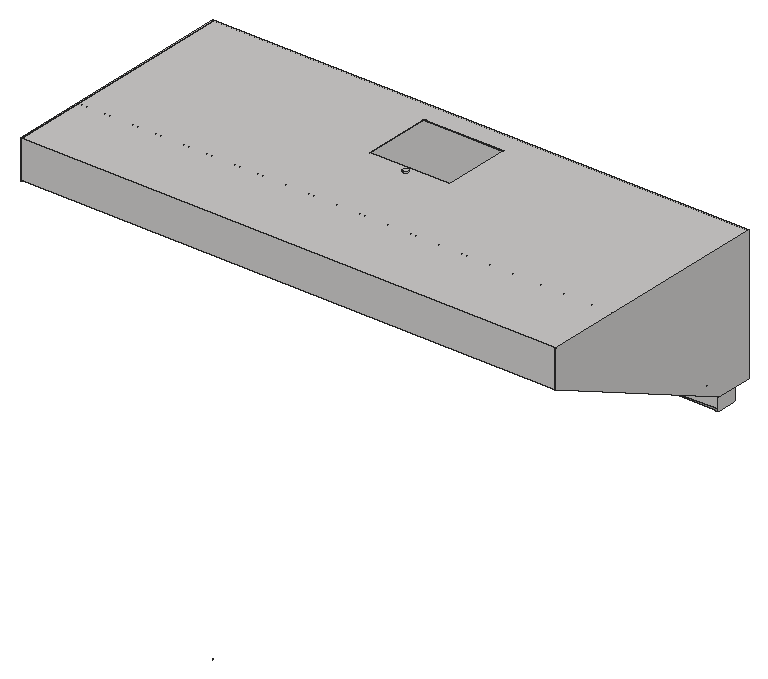
Revit family "QF_ELECTROLUXPROFESSIONAL_644206_AMPV920DT", category Attrezzature speciali, Revit 2021
Family settings
  Quota connettore circolare = Usa diametro
  Tipo di parte = Normale
  Basato su piano di lavoro = No
  Sempre verticale = Sì
  Taglio con vuoti quando caricato = No
  Condiviso = No
  Punto di calcolo locali = No
Parameters (values of type "Standard")
  Weight = 61.00 kg
  Watts = 420 W
  Volts = 220 V
  URL Manufacturer = "https://www.electroluxprofessional.com/"
  URL = "https://www.electroluxprofessional.com/"
  Steam Supply Size = 0 mm
  Steam Supply Minimum Pressure = 0.0 Pa
  Steam Supply Maximum Pressure = 0.0 Pa
  Steam Consumption per Hour = 0
  Refrigeration Suction Line Size = 0 mm
  Refrigeration Liquid Line Size = 0 mm
  Refrigerant Compressor Remote = yes
  Prospetto di default = 0 mm
  Produttore = "Electrolux Professional"
  Phase = 1
  Modello = "AMPV920DT"
  Length Actual = 2000 mm  # constant formula
  Item Number = "644206"
  Hot Water Size = 0 mm
  Height Actual = 500 mm  # constant formula
  HP = "0.6 HP"
  Gas Size = 0 mm
  Gas KW = 0
  Gas Input Pressure = 0 W
  Direct Waste Size = 0 mm
  Descrizione = "304 S/S WALL HOOD+FILTERS+FAN 2000X900MM"
  Depth Actual = 900 mm  # constant formula
  Cycle = 50 Hz
  Condensate Return Size = 0 mm
  Compressed Air Volume = 0.0 L/s
  Compressed Air Size = 0 mm
  Compressed Air Pressure = 0.0 Pa
  Cold Water Size = 0 mm
  Accessory = yes
Reference planes
  plane 1: z = 0
  plane 2 "Center (Left/Right)": x = 150
  plane 3 "LEFT": x = -850
  plane 4 "RIGHT": x = 1150
  plane 5 "BACK": y = 550
  plane 6 "Plane": z = 2000
  plane 7 "TOP": z = 2140
  plane 8 "Base": z = 1640
  plane 9: z = 1566
  plane 10 "DrainY": y = 485
  plane 11: x = -847
  plane 12: through (0, 414.509, 1640.8) normal (0, 0.7314, 0.682)
  plane 13: y = 470
  plane 14: y = 220
  plane 15 "DrainX": x = 1030
  plane 16: x = 0
  plane 17: x = 300
  plane 18: x = 1147
  plane 19: x = 940
  plane 20: x = 1120
  plane 21: x = -810
  plane 22: x = 1110
  plane 23: x = -47.5
  plane 24: x = 347.5
  plane 25 "FRONT": y = -350
  plane 26 "Center (Front/Back)": y = 100
  plane 27: y = 200
Forms (mm)
  Extrusion 1, solid, material "QF_Finishes_Stainless Steel"
    sketch origin (-850, 0, 0) x (0, 1, 0) y (0, 0, 1)
      loop
        line (550, 1640) -> (550, 2140) -> (-350, 2140) -> (-350, 1998.736) -> (413.973, 1640) -> (550, 1640)
    from 0 to 3
  Extrusion 2, solid, material "QF_Finishes_Stainless Steel"
    sketch origin (150, 0, 0) x (0, 1, 0) y (0, 0, 1)
      loop
        line (415.255, 1640) -> (550, 1640) -> (550, 2139.19) -> (549.2, 2139.19) -> (549.2, 1640.8) -> (415.876, 1640.8) -> (339.347, 1722.867) -> (349.609, 1732.436) -> (348.927, 1733.167) -> (337.934, 1722.917) -> (415.255, 1640)
      loop
        line (-82.203, 2139.19) -> (-82.203, 2118.6) -> (-31.047, 2118.6) -> (34.354, 2048.466) -> (46.028, 2059.352) -> (45.346, 2060.083) -> (34.403, 2049.879) -> (-30.612, 2119.6) -> (-81.203, 2119.6) -> (-81.203, 2139.19) -> (-82.203, 2139.19)
    from -997 to 997
  Extrusion 3, solid, material "QF_Finishes_Stainless Steel"
    sketch origin (1150, 0, 0) x (0, 1, 0) y (0, 0, 1)
      loop
        line (550, 1640) -> (550, 2140) -> (-350, 2140) -> (-350, 1998.736) -> (413.973, 1640) -> (550, 1640)
    from 0 to -3
  Extrusion 4, solid, material "QF_Finishes_Stainless Steel"
    sketch origin (150, 0, 0) x (0, 1, 0) y (0, 0, 1)
      loop
        line (-350, 2140) -> (-350, 2000) -> (-349.2, 2000) -> (-349.2, 2139.19) -> (550, 2139.19) -> (550, 2140) -> (-350, 2140)
    from -1000 to 1000
  Extrusion 5, solid, material "QF_Finishes_Stainless Steel"
    sketch origin (150, 0, 0) x (0, 1, 0) y (0, 0, 1)
      loop
        line (534, 1640) -> (436, 1640) -> (436, 1627) -> (443.5, 1627) -> (443.5, 1576)
        arc (443.5, 1576) -> (446.429, 1568.929) -> (453.5, 1566) r 10
        line (453.5, 1566) -> (516.5, 1566)
        arc (516.5, 1566) -> (523.571, 1568.929) -> (526.5, 1576) r 10
        line (526.5, 1576) -> (526.5, 1627) -> (534, 1627) -> (534, 1640)
    from 790 to 970
  Extrusion 6, solid, material "QF_Finishes_Stainless Steel"
    sketch origin (0, 0, 1640) x (0, 1, 0) y (-1, 0, 0)
      loop
        circle (485, -1030) r 20
    from -76 to -74
  Extrusion 7, solid, material "QF_Finished_Chrome"
    sketch origin (150, 0, 0) x (0, 1, 0) y (0, 0, 1)
      loop
        line (337.934, 1722.917) -> (341.591, 1726.327) -> (38.011, 2051.876) -> (34.354, 2048.466) -> (337.934, 1722.917)
    from -197.5 to -960
  Extrusion 8, solid, material "QF_Finishes_Stainless Steel"
    sketch origin (150, 0, 0) x (0, 1, 0) y (0, 0, 1)
      loop
        line (337.934, 1722.917) -> (341.591, 1726.327) -> (38.011, 2051.876) -> (34.354, 2048.466) -> (337.934, 1722.917)
    from 997 to 960
  Extrusion 9, solid, material "QF_Finished_Chrome"
    sketch origin (150, 0, 0) x (0, 1, 0) y (0, 0, 1)
      loop
        line (341.588, 1726.324) -> (38.009, 2051.874) -> (34.354, 2048.466) -> (337.934, 1722.917) -> (341.588, 1726.324)
    from 197.5 to 960
  Extrusion 10, void
    sketch origin (0, 0, 2140) x (0, 1, 0) y (-1, 0, 0)
      loop
        line (470, -300) -> (470, 0) -> (220, 0) -> (220, -300) -> (470, -300)
    from 0 to -10
  Extrusion 11, solid, material "QF_Finishes_Stainless Steel"
    sketch origin (0, 0, 0) x (1, 0, 0) y (0, 1, 0)
      loop
        line (-850, 550) -> (-850, 549) -> (-849, 549) -> (-849, 550) -> (-850, 550)
    from 0 to 1
  Extrusion 12, solid, material "QF_Finishes_Stainless Steel"
    sketch origin (150, 0, 0) x (0, 1, 0) y (0, 0, 1)
      loop
        line (337.934, 1722.917) -> (341.591, 1726.327) -> (38.011, 2051.876) -> (34.354, 2048.466) -> (337.934, 1722.917)
    from -960 to -997
  Extrusion 13, solid, material "QF_Finishes_Stainless Steel"
    sketch origin (150, 0, 0) x (0, 1, 0) y (0, 0, 1)
      loop
        line (337.934, 1722.917) -> (341.591, 1726.327) -> (38.011, 2051.876) -> (34.354, 2048.466) -> (337.934, 1722.917)
    from 197.5 to -197.5
  Extrusion 14, solid, material "QF_Finishes_Stainless Steel"
    sketch origin (0, 0, 2140) x (0, 1, 0) y (-1, 0, 0)
      loop
        circle (200, -150) r 10
    from 0 to 1.6
Cuts and joins
  Extrusion 10 cuts Extrusion 4
  joined: Extrusion 2, Extrusion 4
Lines and regions (mm)
  reference lines
    curve 1: line (150, 34.354, 2048.466) -> (150, 34.354, 1888.466)
  symbolic lines, style "SpecialityEquipment", detail levels coarse
    curve 2: line (1150, 550, 2140) -> (-850, 550, 2140)
    curve 3: line (-850, 550, 2140) -> (-850, -350, 2140)
    curve 4: line (1150, -350, 2140) -> (1150, 550, 2140)
    curve 5: line (-850, -350, 2140) -> (1150, -350, 2140)
    curve 6: line (300, 220, 2140) -> (0, 220, 2140)
    curve 7: line (300, 470, 2140) -> (300, 220, 2140)
    curve 8: line (0, 470, 2140) -> (300, 470, 2140)
    curve 9: line (0, 220, 2140) -> (0, 470, 2140)
    curve 10: line (-850, 550, 0) -> (1150, -350, 0)
    curve 11: line (1150, 550, 0) -> (-850, -350, 0)
Dimensions and locks
  plane 3 "LEFT" to plane 4 "RIGHT" = 2000 mm
  equal spacing: plane 3 "LEFT", plane 2 "Center (Left/Right)", plane 4 "RIGHT"
  locked: plane 6 "Plane" to level at 2000
  plane 7 "TOP" to plane 6 "Plane" = 140 mm
  locked: plane 7 "TOP" to plane 8 "Base" at 500
  plane 8 "Base" to plane 9 = 74 mm
  plane 5 "BACK" to plane 10 "DrainY" = 65 mm  (x2)
  plane 3 "LEFT" to plane 11 = 3 mm
  plane 5 "BACK" to plane 13 = 80 mm
  plane 13 to plane 14 = 250 mm  (x2)
  plane 15 "DrainX" to plane 4 "RIGHT" = 120 mm
  plane 18 to plane 4 "RIGHT" = 3 mm
  locked: plane 19 to plane 15 "DrainX" at 90
  locked: plane 15 "DrainX" to plane 20 at 90
  plane 13 to plane 5 "BACK" = 80 mm
  locked: plane 3 "LEFT" to plane 21 at 40
  locked: plane 22 to plane 4 "RIGHT" at 40
  locked: plane 23 to plane 24 at 395
  equal spacing: plane 23, plane 2 "Center (Left/Right)", plane 24
  locked: plane 16 to plane 17 at 300
  equal spacing: plane 16, plane 2 "Center (Left/Right)", plane 17
  plane 5 "BACK" to plane 25 "FRONT" = 900 mm  (x2)
  equal spacing: plane 5 "BACK", plane 26 "Center (Front/Back)", plane 25 "FRONT"
  plane 14 to plane 27 = 20 mm
  aligned and locked: level to plane 1
  aligned and locked: Extrusion 2 to Extrusion 1
  aligned and locked: Extrusion 2 to Extrusion 3
  aligned and locked: plane 4 "RIGHT" to Extrusion 4
  aligned and locked: Extrusion 4 to plane 3 "LEFT"
  aligned and locked: plane 18 to Extrusion 8
  aligned and locked: Extrusion 10 to plane 16
  aligned and locked: Extrusion 10 to plane 14
  aligned and locked: Extrusion 10 to plane 13
  aligned and locked: Extrusion 2 to Extrusion 4
  aligned and locked: plane 20 to Extrusion 5
  aligned and locked: Extrusion 5 to plane 19
  aligned and locked: Extrusion 8 to plane 22
  aligned and locked: Extrusion 9 to plane 22
  aligned and locked: Extrusion 7 to plane 21
  aligned and locked: Extrusion 12 to plane 11
  aligned and locked: plane 21 to Extrusion 12
  aligned and locked: Extrusion 3 to plane 18
  aligned and locked: Extrusion 10 to plane 17
  aligned and locked: plane 17 to curve 7
  aligned and locked: plane 24 to Extrusion 13
  aligned and locked: Extrusion 13 to plane 23
  aligned and locked: Extrusion 9 to plane 24
Automatic sketch dimensions
  curve 5 to plane 4 "RIGHT" = 0 mm
  curve 6 to plane 14 = 0 mm
  plane 13 to curve 8 = 0 mm
  curve 3 to plane 3 "LEFT" = 0 mm
  curve 3 to plane 5 "BACK" = 0 mm
  curve 6 to plane 16 = 0 mm
  Extrusion 2 sketch curve to plane 12 = 0 mm  (x3)
  Extrusion 2 sketch curve to plane 8 "Base" = 0 mm
  plane 12 to Extrusion 2 sketch curve = 0 mm
  Extrusion 2 sketch curve to plane 5 "BACK" = 0 mm
  Extrusion 2 sketch curve to Extrusion 2 sketch curve = 65.646 mm
  Extrusion 2 sketch curve to Extrusion 2 sketch curve = 0.682 mm  (x2)
  Extrusion 2 sketch curve to Extrusion 2 sketch curve = 10.261 mm
  plane 8 "Base" to Extrusion 2 sketch curve = 82.917 mm
  Extrusion 2 sketch curve to Extrusion 2 sketch curve = 10.942 mm
  Extrusion 2 sketch curve to Extrusion 2 sketch curve = 0.049 mm
  Extrusion 2 sketch curve to plane 7 "TOP" = 20.4 mm
  Extrusion 2 sketch curve to plane 7 "TOP" = 21.4 mm
  Extrusion 2 sketch curve to plane 7 "TOP" = 0.81 mm  (x2)
  Extrusion 2 sketch curve to Extrusion 2 sketch curve = 50.156 mm
  Extrusion 2 sketch curve to Extrusion 2 sketch curve = 1 mm
  plane 8 "Base" to Extrusion 2 sketch curve = 0.8 mm
  Extrusion 2 sketch curve to plane 5 "BACK" = 0.8 mm
  Extrusion 4 sketch curve to plane 6 "Plane" = 0 mm
  Extrusion 4 sketch curve to plane 5 "BACK" = 0 mm
  Extrusion 4 sketch curve to plane 7 "TOP" = 0 mm
  Extrusion 4 sketch curve to plane 7 "TOP" = 0.81 mm
  curve 1 to plane 12 = 0 mm
  curve 1 to plane 6 "Plane" = 111.534 mm
  Extrusion 5 sketch curve to plane 8 "Base" = 0 mm
  Extrusion 5 sketch curve to plane 9 = 0 mm
  Extrusion 5 sketch curve to plane 8 "Base" = 13 mm  (x2)
  plane 13 to Extrusion 5 sketch curve = 34 mm
  Extrusion 5 sketch curve to Extrusion 5 sketch curve = 7.5 mm  (x2)
  Extrusion 5 sketch curve to Extrusion 5 sketch curve = 10 mm
  plane 10 "DrainY" to Extrusion 5 sketch curve = 31.5 mm
  Extrusion 5 sketch curve to plane 5 "BACK" = 23.5 mm
  Extrusion 6 sketch curve to plane 10 "DrainY" = 0 mm
  Extrusion 6 sketch curve to plane 15 "DrainX" = 0 mm
  Extrusion 7 sketch curve to plane 12 = 0 mm  (x2)
  Extrusion 7 sketch curve to Extrusion 7 sketch curve = 3.657 mm
  plane 8 "Base" to Extrusion 7 sketch curve = 82.917 mm
  Extrusion 8 sketch curve to plane 12 = 0 mm  (x2)
  Extrusion 8 sketch curve to Extrusion 8 sketch curve = 3.657 mm
  plane 8 "Base" to Extrusion 8 sketch curve = 82.917 mm
  Extrusion 9 sketch curve to plane 12 = 0 mm  (x2)
  Extrusion 9 sketch curve to Extrusion 9 sketch curve = 3.655 mm
  plane 8 "Base" to Extrusion 9 sketch curve = 82.917 mm
  Extrusion 10 sketch curve to plane 14 = 0 mm
  plane 13 to Extrusion 10 sketch curve = 0 mm
  Extrusion 10 sketch curve to plane 17 = 0 mm
  Extrusion 10 sketch curve to plane 16 = 0 mm
  Extrusion 11 sketch curve to plane 3 "LEFT" = 0 mm
  Extrusion 11 sketch curve to plane 5 "BACK" = 0 mm
  plane 3 "LEFT" to Extrusion 11 sketch curve = 1 mm
  Extrusion 11 sketch curve to Extrusion 11 sketch curve = 1 mm
  Extrusion 12 sketch curve to plane 12 = 0 mm  (x2)
  Extrusion 12 sketch curve to Extrusion 12 sketch curve = 3.657 mm
  plane 8 "Base" to Extrusion 12 sketch curve = 82.917 mm
  Extrusion 13 sketch curve to plane 12 = 0 mm  (x2)
  Extrusion 13 sketch curve to Extrusion 13 sketch curve = 3.657 mm
  plane 8 "Base" to Extrusion 13 sketch curve = 82.917 mm
  Extrusion 4 sketch curve to Extrusion 4 sketch curve = 0.8 mm
  curve 5 to plane 14 = 570 mm
  plane 6 "Plane" to Extrusion 2 sketch curve = 48.466 mm
  Extrusion 4 sketch curve to plane 14 = 569.2 mm
  curve 1 to plane 14 = 185.646 mm
  plane 6 "Plane" to Extrusion 7 sketch curve = 51.876 mm
  plane 6 "Plane" to Extrusion 8 sketch curve = 51.876 mm
  plane 6 "Plane" to Extrusion 9 sketch curve = 51.874 mm
  plane 6 "Plane" to Extrusion 12 sketch curve = 51.876 mm
  plane 6 "Plane" to Extrusion 13 sketch curve = 51.876 mm
  Extrusion 3 sketch curve to plane 7 "TOP" = 0 mm
  Extrusion 3 sketch curve to plane 8 "Base" = 0 mm
  Extrusion 3 sketch curve to plane 5 "BACK" = 0 mm
  Extrusion 3 sketch curve to plane 25 "FRONT" = 0 mm
  plane 13 to Extrusion 3 sketch curve = 56.027 mm
  Extrusion 3 sketch curve to plane 6 "Plane" = 1.264 mm
  Extrusion 1 sketch curve to plane 7 "TOP" = 0 mm
  Extrusion 1 sketch curve to plane 8 "Base" = 0 mm
  Extrusion 1 sketch curve to plane 12 = 0.937 mm
  Extrusion 1 sketch curve to plane 5 "BACK" = 0 mm
  Extrusion 1 sketch curve to plane 25 "FRONT" = 0 mm
  Extrusion 1 sketch curve to plane 6 "Plane" = 1.264 mm
  curve 11 to plane 3 "LEFT" = 0 mm
  curve 10 to plane 3 "LEFT" = 0 mm
  curve 11 to plane 4 "RIGHT" = 0 mm
  curve 10 to plane 4 "RIGHT" = 0 mm
  curve 10 to plane 25 "FRONT" = 0 mm
  curve 11 to plane 25 "FRONT" = 0 mm
  curve 11 to plane 5 "BACK" = 0 mm
  curve 10 to plane 5 "BACK" = 0 mm
  Extrusion 14 sketch curve to plane 2 "Center (Left/Right)" = 0 mm
  Extrusion 14 sketch curve to plane 27 = 0 mm
  radius of Extrusion 6 sketch curve = 20 mm
  radius of Extrusion 14 sketch curve = 10 mm
Connectors
  piping at (1030, 485, 1564), diameter 20
    settings: on Extrusion 6, index 1, connector inside diameter 609.6 mm, connector length 0 mm, flow factor 0, pipe flow 0.0 L/s, pressure drop 0.0 Pa, fitting loss kfactor 0, connector angle 0.00°, fixture units 0, engagement length 0 mm, angle of deflection 0.00°, flow configuration 1, flow direction 2, fitting loss method 0, system type 16, joint type 0, gender type 0, connector reference index -1, connector utility 0, adjustable connector no, is connector primary yes, connector description "Drain"
  hvac at (150, 345, 2140)
    settings: on Extrusion 10, index 2, duct flow 0.0 L/s, flow factor 0, pres drop 0.0 Pa, loss coef 0, conn angle 0.00°, conn width 250 mm, conn height 300 mm, conn diameter 609.6 mm, duct sys type 3, conn prof type 1, flow config 0, flow direction 2, loss method 0, conn ref index -1, conn util no, is conn primary yes, conn desc "EXHAUST OUTLET"
  electrical at (150, 200, 2141.6), driven by "Volts"
    settings: on Extrusion 14, index 3, voltage 220 V, apparent load 0 VA, apparent load phase1 0 VA, apparent load phase2 0 VA, apparent load phase3 0 VA, power factor 1, load classification "Other", number of poles 1, system type 30, power factor state 1, is connector primary yes, connector utility no, sub classification motor no, connector description "Electrical Connection"
